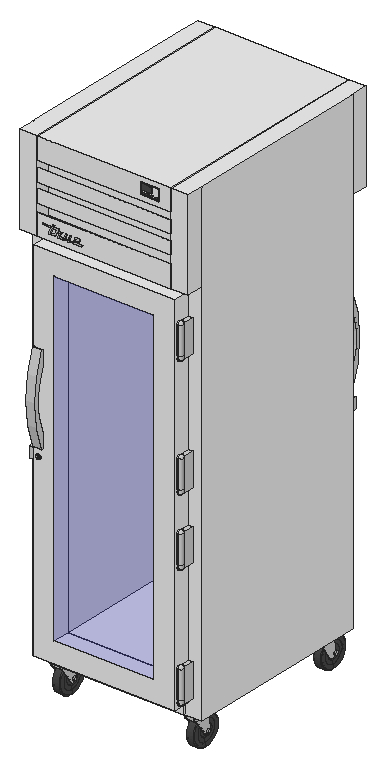
Revit family "QF_TRUE_STR1RPT-1G-1G-HC", category Specialty Equipment, Revit 2012
Parameters
  Weight in Pounds = 0
  Watts = Volts * FL Amps  # 437 W
  Volts = 115 V
  URL Manufacturer = "www.truemfg.com"
  URL Cutsheet = "www.truemfg.com"
  URL = "www.truemfg.com"
  Type Mark [instance] = ""
  Type Comments = "www.truemfg.com"
  Status [instance] = ""
  Specification by User [instance] = ""
  Specification by Manufacturer = ""
  Show Seismic Flanged [instance] = no
  Show Logo [instance] = yes
  Show Legs [instance] = no
  Show Clearance [instance] = yes
  Serial Number = ""
  Seismic Rating = ""
  Seismic Plate [instance] = and(Show Seismic Flanged, not(Show Casters))  # no
  SMACNA No = ""
  Revision Code [instance] = ""
  Phase = 1
  Omniclass Number and Title = ""
  Number of Poles [instance] = 1
  NAFEM Spec ID Number = ""
  Model = "STR1RPT-1G-1G-HC"
  Min Ckt Ampacity = 3.8 A
  Max Overcurrent Protection = 3.8 A
  MasterSpec. = ""
  Manufacturer = "TRUE FOOD SERVICE EQUIPMENT, INC."
  Length = 27 1/2"
  Legs [instance] = or(Show Legs, Show Seismic Flanged)  # no
  Item Number [instance] = ""
  Installed By [instance] = ""
  Identify Quantity as Lot [instance] = yes
  Height = 77 3/4"
  HP = "1/4"
  Furnished By [instance] = ""
  Foodservice Equipment Identifier [instance] = yes
  FL Amps = 3.8 A
  Electrical Remarks [instance] = ""
  Electric Connection Type [instance] = ""
  Elec Conn RI Height [instance] = 0"
  Elec Conn Connection Height [instance] = 0"
  Description = "PASS-THRU GLASS FRONT/GLASS REAR SWING DOORS REFRIGERATOR WITH HYDROCARBON REFRIGERANT"
  Depth = 36 1/8"
  Cycle = 60 Hz
  Conn Plug = "5-15P"
  Conn Conduit = yes
  Show Casters [instance] = and(not(if(Show Legs, Show Legs, Show Legs)), not(if(Show Legs, Show Legs, Show Seismic Flanged)))  # yes
  CSI MasterFormat = ""
  CSI Master Format = ""
  Apparent Power = if(Phase = 3, Volts * FL Amps * 1.73, Volts * FL Amps)  # 437 VA
Reference planes (in)
  plane 1: z = 0
  plane 2 "LEFT": x = 0
  plane 3 "RIGHT": x = 27.5
  plane 4 "FRONT": y = -33.75
  plane 5 "TOP": z = 84.125
  plane 6: z = 6.125
  plane 7: y = -33.8917
  plane 8: y = 2.375
  plane 9: y = 4.03125
  plane 10: y = -35.40625
Forms (in)
  Extrusion 1, solid, material "QF_Finishes_Chrome - Satin"
    sketch origin (0.09687, 0, 0) x (1, 0, 0) y (0, 1, 0)
      loop
        line (-0.09687, -0.375) -> (-0.09687, -31) -> (2.7625, -31) -> (2.7625, -0.375) -> (-0.09687, -0.375)
    from 6.125 to 84.125
  Extrusion 2, solid, material "QF_Finishes_Chrome - Satin"
    sketch origin (50.15, 0, 0) x (1, 0, 0) y (0, 1, 0)
      loop
        line (-25.50937, -0.375) -> (-25.50937, -31) -> (-22.65, -31) -> (-22.65, -0.375) -> (-25.50937, -0.375)
    from 6.125 to 84.125
  Extrusion 3, solid, material "QF_Finishes_Chrome - Satin"
    sketch origin (0, -0.1875, 0) x (0, 1, 0) y (0, 0, 1)
      loop
        line (-33.5625, 69.5) -> (-31, 69.5) -> (-31, 64.625) -> (0, 64.625) -> (0, 69.5) -> (2.5625, 69.5) -> (2.5625, 73.29302) -> (0.21659, 71.625) -> (0.21659, 72.90057) -> (2.5625, 74.56859) -> (2.5625, 76.6648) -> (0.21659, 74.99678) -> (0.21659, 75.95754) -> (2.5625, 77.62556) -> (2.5625, 79.75927) -> (0.21659, 78.09125) -> (0.21659, 79.21352) -> (2.5625, 80.88154) -> (2.5625, 84.125) -> (-33.5625, 84.125) -> (-33.5625, 80.68002) -> (-31.5, 79.21352) -> (-31.5, 78.09125) -> (-33.5625, 79.55776) -> (-33.5625, 77.42405) -> (-31.5, 75.95754) -> (-31.5, 74.99678) -> (-33.5625, 76.46328) -> (-33.5625, 74.36708) -> (-31.5, 72.90057) -> (-31.5, 71.625) -> (-33.5625, 73.09151) -> (-33.5625, 69.5)
      loop
        line (-31, 6.125) -> (0, 6.125) -> (0, 8.94743) -> (-31, 8.94743) -> (-31, 6.125)
    from 2.85938 to 24.64063
  Extrusion 4, solid, material "QF_Finishes_Chrome - Satin"
    sketch origin (0.10531, 0, 0) x (1, 0, 0) y (0, 1, 0)
      loop
        line (27.34782, -31) -> (24.53532, -31) -> (24.53532, -33.75) -> (27.34782, -33.75) -> (27.34782, -31)
    from 69.5 to 84.125
  Extrusion 5, solid, material "QF_Finishes_Chrome - Satin"
    sketch origin (-50.19421, 0, 0.25) x (1, 0, 0) y (0, 1, 0)
      loop
        line (53.05359, -31) -> (50.24109, -31) -> (50.24109, -33.75) -> (53.05359, -33.75) -> (53.05359, -31)
    from 69.25 to 83.875
  Extrusion 6, solid, material "QF_Finishes_Chrome - Satin"
    sketch origin (-25.125, 0, -0.71875) x (1, 0, 0) y (0, 0, 1)
      loop
        line (27.40625, 8.75) -> (50.34375, 8.75) -> (50.34375, 68.6875) -> (27.40625, 68.6875) -> (27.40625, 8.75)
      loop
        line (30.75, 12.09375) -> (47, 12.09375) -> (47, 65.34375) -> (30.75, 65.34375) -> (30.75, 12.09375)
    from 31 to 33.75
  Extrusion 7, solid, material "QF_Finishes_Handrails and Railings"
    sketch origin (-8.56481, -0.26185, 93.525) x (0, 1, 0) y (0, 0, 1)
      loop
        line (-33.48815, -54.775) -> (-33.48815, -52.39813)
        arc (-33.48815, -52.39813) -> (-34.66767, -47.525) -> (-33.48815, -42.65188) r 10.65627
        line (-33.48815, -42.65188) -> (-33.48815, -40.275) -> (-33.7, -40.275)
        arc (-33.7, -40.275) -> (-35.1444, -47.525) -> (-33.7, -54.775) r 18.91753
        line (-33.7, -54.775) -> (-33.48815, -54.775)
    from 10.87731 to 12.37731
  Extrusion 8, solid, material "QF_Finishes_Handrails and Railings"
    sketch origin (-23.375, -0.1875, -2.6875) x (1, 0, 0) y (0, 0, 1)
      loop
        circle (26.4375, 40.0625) r 0.35
      loop
        line (26.47265, 40.33635) -> (26.41715, 40.33635) -> (26.41715, 39.76895) -> (26.47265, 39.76895) -> (26.47265, 40.33635)
    from 33.5625 to 33.625
  Extrusion 9, solid, material "QF_Finishes_Handrails and Railings", visible <- "Show Logo"
    sketch origin (0.33478, 1.08173, -6.73143) x (1, 0, 0) y (0, 0, 1)
      loop
        line (3.46044, 78.46231) -> (3.35478, 78.23573) -> (4.76027, 78.23573)
        arc (4.76027, 78.23573) -> (4.78879, 78.18528) -> (4.76027, 78.13484) r 0.05887
        line (4.76027, 78.13484) -> (4.39369, 77.34872)
        arc (4.39369, 77.34872) -> (4.39051, 77.27591) -> (4.43975, 77.22217) r 0.09523
        line (4.43975, 77.22217) -> (5.33844, 77.22217)
        arc (5.33844, 77.22217) -> (5.45192, 77.25795) -> (5.52436, 77.35235) r 0.19785
        line (5.52436, 77.35235) -> (5.81285, 77.97101) -> (6.0779, 77.97101)
        arc (6.0779, 77.97101) -> (6.14744, 77.94543) -> (6.13737, 77.87203) r 0.05911
        line (6.13737, 77.87203) -> (5.89598, 77.35437)
        arc (5.89598, 77.35437) -> (5.89974, 77.2684) -> (5.97231, 77.22217) r 0.09318
        line (5.97231, 77.22217) -> (6.76198, 77.22217)
        arc (6.76198, 77.22217) -> (6.82249, 77.24419) -> (6.85468, 77.29995) r 0.09412
        arc (6.85468, 77.29995) -> (6.87746, 77.24495) -> (6.93246, 77.22217) r 0.07778
        line (6.93246, 77.22217) -> (7.43246, 77.22217)
        arc (7.43246, 77.22217) -> (7.49022, 77.23765) -> (7.53251, 77.27993) r 0.11552
        arc (7.53251, 77.27993) -> (7.55275, 77.23106) -> (7.60162, 77.21081) r 0.06912
        line (7.60162, 77.21081) -> (8.31225, 77.21081)
        arc (8.31225, 77.21081) -> (8.37034, 77.23488) -> (8.39441, 77.29297) r 0.08216
        arc (8.39441, 77.29297) -> (8.44767, 77.23972) -> (8.52042, 77.22022) r 0.14551
        line (8.52042, 77.22022) -> (9.85158, 77.22022) -> (9.99946, 77.47634) -> (8.65678, 77.47634)
        arc (8.65678, 77.47634) -> (8.61972, 77.50204) -> (8.61834, 77.54711) r 0.05009
        line (8.61834, 77.54711) -> (8.64157, 77.59692)
        arc (8.64157, 77.59692) -> (8.67723, 77.64364) -> (8.73327, 77.66135) r 0.09747
        line (8.73327, 77.66135) -> (9.16485, 77.66135)
        arc (9.16485, 77.66135) -> (9.258, 77.68631) -> (9.32619, 77.7545) r 0.1863
        line (9.32619, 77.7545) -> (9.45119, 77.97101)
        arc (9.45119, 77.97101) -> (9.45119, 78.08657) -> (9.35111, 78.14434) r 0.11556
        line (9.35111, 78.14434) -> (8.89562, 78.14434)
        arc (8.89562, 78.14434) -> (8.7795, 78.12462) -> (8.69849, 78.03912) r 0.18605
        line (8.69849, 78.03912) -> (8.48204, 77.57493)
        arc (8.48204, 77.57493) -> (8.41815, 77.49167) -> (8.31806, 77.46011) r 0.1745
        line (8.31806, 77.46011) -> (7.84559, 77.46011)
        arc (7.84559, 77.46011) -> (7.78903, 77.52184) -> (7.79268, 77.60548) r 0.10939
        line (7.79268, 77.60548) -> (8.04395, 78.14434) -> (7.88403, 78.14434) -> (7.61781, 77.57344)
        arc (7.61781, 77.57344) -> (7.56609, 77.50603) -> (7.48505, 77.48048) r 0.14128
        line (7.48505, 77.48048) -> (7.15925, 77.48048)
        arc (7.15925, 77.48048) -> (7.10419, 77.55223) -> (7.116, 77.64189) r 0.11816
        line (7.116, 77.64189) -> (7.3503, 78.14434) -> (7.18514, 78.14434) -> (6.91546, 77.566)
        arc (6.91546, 77.566) -> (6.85285, 77.50339) -> (6.76733, 77.48048) r 0.17104
        line (6.76733, 77.48048) -> (6.29555, 77.48048)
        arc (6.29555, 77.48048) -> (6.21082, 77.51999) -> (6.20267, 77.61313) r 0.0935
        line (6.20267, 77.61313) -> (6.35774, 77.94569) -> (6.57695, 77.94569)
        arc (6.57695, 77.94569) -> (6.61395, 78.05717) -> (6.69267, 78.14434) r 0.2857
        line (6.69267, 78.14434) -> (5.83605, 78.14434)
        arc (5.83605, 78.14434) -> (5.74086, 78.12324) -> (5.67498, 78.05135) r 0.16212
        line (5.67498, 78.05135) -> (5.44279, 77.55341)
        arc (5.44279, 77.55341) -> (5.3894, 77.50002) -> (5.31647, 77.48048) r 0.14586
        line (5.31647, 77.48048) -> (4.80506, 77.48048)
        arc (4.80506, 77.48048) -> (4.76514, 77.53442) -> (4.77274, 77.60109) r 0.09155
        line (4.77274, 77.60109) -> (5.11018, 78.23573) -> (5.96155, 78.23573) -> (6.06721, 78.46231) -> (5.21584, 78.46231) -> (5.32149, 78.68888) -> (5.01862, 78.68888) -> (4.91297, 78.46231) -> (3.46044, 78.46231)
      loop
        arc (8.83805, 77.93863) -> (8.80119, 77.92875) -> (8.7742, 77.90176) r 0.07373
        line (8.7742, 77.90176) -> (8.75229, 77.83436)
        arc (8.75229, 77.83436) -> (8.76245, 77.80983) -> (8.78699, 77.79966) r 0.0347
        line (8.78699, 77.79966) -> (9.15948, 77.79966)
        arc (9.15948, 77.79966) -> (9.18632, 77.80561) -> (9.20812, 77.82234) r 0.0635
        line (9.20812, 77.82234) -> (9.22624, 77.90622)
        arc (9.22624, 77.90622) -> (9.22091, 77.92868) -> (9.20009, 77.93863) r 0.02676
        line (9.20009, 77.93863) -> (8.83805, 77.93863)
    from 34.64423 to 34.83173
  Extrusion 10, solid
    sketch origin (-25.125, 2.60721, 0) x (1, 0, 0) y (0, 0, 1)
      loop
        circle (49.375, 82) r 0.25
    from 0.23221 to 0.125
  Blend 11, solid, material "QF_Finishes_Handrails and Railings"
    base sketch origin (27.53125, 0, -0.6875) x (-1, 0, 0) y (0, 0, -1)
      loop
        line (25.25, -38.99169) -> (26, -38.99169) -> (26, -37.24169) -> (25.25, -37.24169) -> (25.25, -38.99169)
    top sketch origin (27.53125, 0, -0.6875) x (-1, 0, 0) y (0, 0, -1)
      loop
        line (26.18223, -36.6441) -> (25.25, -36.6441) -> (25.25, -39.42643) -> (26.18223, -39.42643) -> (26.18223, -36.6441)
    from 33.5625 to 31
  Extrusion 12, solid, material "QF_Finishes_Handrails and Railings"
    sketch origin (26.21875, 0.10979, 0) x (0, 1, 0) y (0, 0, -1)
      loop
        line (-31.10979, -64.55229) -> (-31.10979, -59.23627) -> (-33.25, -59.23627) -> (-33.25, -59.94848) -> (-32.81497, -59.94848) -> (-32.81497, -64.34776)
        arc (-32.81497, -64.34776) -> (-32.75506, -64.49238) -> (-32.61044, -64.55229) r 0.20453
        line (-32.61044, -64.55229) -> (-31.10979, -64.55229)
    from 0.17506 to 1
  Revolve 13, solid, material "QF_Finishes_Handrails and Railings"
    sketch origin (25.71875, 0.10979, 0) x (0, 1, 0) y (0, 0, -1)
      loop
        line (-33.26563, -60.00189) -> (-33.67229, -60.00189) -> (-33.67229, -64.4736)
        arc (-33.67229, -64.4736) -> (-33.53722, -64.72557) -> (-33.26563, -64.81483) r 0.3848
        line (-33.26563, -64.81483) -> (-33.26563, -60.00189)
      loop
        line (-33.26563, -59.94848) -> (-33.26563, -59.04781)
        arc (-33.26563, -59.04781) -> (-33.53264, -59.13383) -> (-33.67229, -59.37712) r 0.38884
        line (-33.67229, -59.37712) -> (-33.67229, -59.94848) -> (-33.26563, -59.94848)
      axis (-33.26563, -59.04781) -> (-33.26563, -64.81483)
    angle from 0 to 360
  Extrusion 14, solid, material "QF_Finishes_Handrails and Railings"
    sketch origin (27.53125, 0.10979, 0) x (-1, 0, 0) y (0, 0, -1)
      loop
        line (1.91491, -64.4736) -> (2.3125, -64.4736) -> (2.3125, -60.00079) -> (1.91491, -60.00079) -> (1.91491, -64.4736)
    from 32.81497 to 33.59495
  Extrusion 15, solid, material "QF_Finishes_Handrails and Railings"
    sketch origin (26.21875, 0.10979, -19.5) x (0, 1, 0) y (0, 0, -1)
      loop
        line (-31.10979, -64.55229) -> (-31.10979, -59.23627) -> (-33.25, -59.23627) -> (-33.25, -59.94848) -> (-32.81497, -59.94848) -> (-32.81497, -64.34776)
        arc (-32.81497, -64.34776) -> (-32.75506, -64.49238) -> (-32.61044, -64.55229) r 0.20453
        line (-32.61044, -64.55229) -> (-31.10979, -64.55229)
    from 0.17506 to 1
  Revolve 16, solid, material "QF_Finishes_Handrails and Railings"
    sketch origin (25.71875, 0.10979, -19.5) x (0, 1, 0) y (0, 0, -1)
      loop
        line (-33.26563, -60.00189) -> (-33.67229, -60.00189) -> (-33.67229, -64.4736)
        arc (-33.67229, -64.4736) -> (-33.53722, -64.72557) -> (-33.26563, -64.81483) r 0.3848
        line (-33.26563, -64.81483) -> (-33.26563, -60.00189)
      loop
        line (-33.26563, -59.94848) -> (-33.26563, -59.04781)
        arc (-33.26563, -59.04781) -> (-33.53264, -59.13383) -> (-33.67229, -59.37712) r 0.38884
        line (-33.67229, -59.37712) -> (-33.67229, -59.94848) -> (-33.26563, -59.94848)
      axis (-33.26563, -59.04781) -> (-33.26563, -64.81483)
    angle from 0 to 360
  Extrusion 17, solid, material "QF_Finishes_Handrails and Railings"
    sketch origin (27.53125, 0.10979, -19.5) x (-1, 0, 0) y (0, 0, -1)
      loop
        line (1.91491, -64.4736) -> (2.3125, -64.4736) -> (2.3125, -60.00079) -> (1.91491, -60.00079) -> (1.91491, -64.4736)
    from 32.81497 to 33.59495
  Extrusion 18, solid, material "QF_Finishes_Handrails and Railings"
    sketch origin (26.21875, 0.10979, -30.5) x (0, 1, 0) y (0, 0, -1)
      loop
        line (-31.10979, -64.55229) -> (-31.10979, -59.23627) -> (-33.25, -59.23627) -> (-33.25, -59.94848) -> (-32.81497, -59.94848) -> (-32.81497, -64.34776)
        arc (-32.81497, -64.34776) -> (-32.75506, -64.49238) -> (-32.61044, -64.55229) r 0.20453
        line (-32.61044, -64.55229) -> (-31.10979, -64.55229)
    from 0.17506 to 1
  Revolve 19, solid, material "QF_Finishes_Handrails and Railings"
    sketch origin (25.71875, 0.10979, -30.5) x (0, 1, 0) y (0, 0, -1)
      loop
        line (-33.26563, -60.00189) -> (-33.67229, -60.00189) -> (-33.67229, -64.4736)
        arc (-33.67229, -64.4736) -> (-33.53722, -64.72557) -> (-33.26563, -64.81483) r 0.3848
        line (-33.26563, -64.81483) -> (-33.26563, -60.00189)
      loop
        line (-33.26563, -59.94848) -> (-33.26563, -59.04781)
        arc (-33.26563, -59.04781) -> (-33.53264, -59.13383) -> (-33.67229, -59.37712) r 0.38884
        line (-33.67229, -59.37712) -> (-33.67229, -59.94848) -> (-33.26563, -59.94848)
      axis (-33.26563, -59.04781) -> (-33.26563, -64.81483)
    angle from 0 to 360
  Extrusion 20, solid, material "QF_Finishes_Handrails and Railings"
    sketch origin (27.53125, 0.10979, -30.5) x (-1, 0, 0) y (0, 0, -1)
      loop
        line (1.91491, -64.4736) -> (2.3125, -64.4736) -> (2.3125, -60.00079) -> (1.91491, -60.00079) -> (1.91491, -64.4736)
    from 32.81497 to 33.59495
  Extrusion 21, solid, material "QF_Finishes_Handrails and Railings"
    sketch origin (26.21875, 0.10979, -50.25) x (0, 1, 0) y (0, 0, -1)
      loop
        line (-31.10979, -64.55229) -> (-31.10979, -59.19743) -> (-33.25, -59.19743) -> (-33.25, -59.94848) -> (-32.81497, -59.94848) -> (-32.81497, -64.34776)
        arc (-32.81497, -64.34776) -> (-32.75506, -64.49238) -> (-32.61044, -64.55229) r 0.20453
        line (-32.61044, -64.55229) -> (-31.10979, -64.55229)
    from 0.17506 to 1
  Revolve 22, solid, material "QF_Finishes_Handrails and Railings"
    sketch origin (25.71875, 0.10979, -50.25) x (0, 1, 0) y (0, 0, -1)
      loop
        line (-33.26563, -60.00189) -> (-33.67229, -60.00189) -> (-33.67229, -64.4736)
        arc (-33.67229, -64.4736) -> (-33.53722, -64.72557) -> (-33.26563, -64.81483) r 0.3848
        line (-33.26563, -64.81483) -> (-33.26563, -60.00189)
      loop
        line (-33.26563, -59.94848) -> (-33.26563, -59.04781)
        arc (-33.26563, -59.04781) -> (-33.53264, -59.13383) -> (-33.67229, -59.37712) r 0.38884
        line (-33.67229, -59.37712) -> (-33.67229, -59.94848) -> (-33.26563, -59.94848)
      axis (-33.26563, -59.04781) -> (-33.26563, -64.81483)
    angle from 0 to 360
  Extrusion 23, solid, material "QF_Finishes_Handrails and Railings"
    sketch origin (27.53125, 0.10979, -50.25) x (-1, 0, 0) y (0, 0, -1)
      loop
        line (1.91491, -64.4736) -> (2.3125, -64.4736) -> (2.3125, -60.00079) -> (1.91491, -60.00079) -> (1.91491, -64.4736)
    from 32.81497 to 33.59495
  Revolve 24, solid, material "QF_Finishes_Black", visible <- "Show Casters"
    sketch origin (22.65625, -27.375, 0) x (1, 0, 0) y (0, 0, 1)
      loop
        line (1.475, 5) -> (1.375, 4.9) -> (1.375, 4.29941) -> (1.53601, 4.29941) -> (1.53601, 3.54941) -> (1.375, 3.54941) -> (1.375, 2.79941) -> (0.975, 2.79941) -> (0.975, 2.5) -> (3.025, 2.5) -> (3.025, 2.79941) -> (2.62908, 2.79941) -> (2.62908, 3.54941) -> (2.46399, 3.54941) -> (2.46399, 4.29941) -> (2.62908, 4.29941) -> (2.62908, 4.89592) -> (2.525, 5) -> (1.475, 5)
      axis (3.025, 2.5) -> (0.975, 2.5)
    angle from 0 to 360
  Extrusion 25, solid, material "QF_Finishes_Handrails and Railings", visible <- "Show Casters"
    sketch origin (22.65625, 0, 0) x (0, 1, 0) y (0, 0, 1)
      loop
        line (-29.95136, 5.48574) -> (-29.95136, 4.88089) -> (-29.70136, 4.88089) -> (-27.95216, 2.18736)
        arc (-27.95216, 2.18736) -> (-27.23883, 1.94868) -> (-26.84581, 2.59003) r 0.60416
        line (-26.84581, 2.59003) -> (-27.20136, 5.48574) -> (-29.95136, 5.48574)
      loop
        line (-4.07645, 5.48574) -> (-4.07645, 4.88089) -> (-3.82645, 4.88089) -> (-2.07725, 2.18736)
        arc (-2.07725, 2.18736) -> (-1.36392, 1.94868) -> (-0.9709, 2.59003) r 0.60416
        line (-0.9709, 2.59003) -> (-1.32645, 5.48574) -> (-4.07645, 5.48574)
    from 1.175 to 1.325
  Extrusion 26, solid, material "QF_Finishes_Handrails and Railings", visible <- "Show Casters"
    sketch origin (24.15625, 0, 0) x (0, 1, 0) y (0, 0, 1)
      loop
        line (-29.95136, 5.48574) -> (-29.95136, 4.88089) -> (-29.70136, 4.88089) -> (-27.95216, 2.18736)
        arc (-27.95216, 2.18736) -> (-27.23883, 1.94868) -> (-26.84581, 2.59003) r 0.60416
        line (-26.84581, 2.59003) -> (-27.20136, 5.48574) -> (-29.95136, 5.48574)
      loop
        line (-4.45145, 5.48574) -> (-4.45145, 4.88089) -> (-4.20145, 4.88089) -> (-2.45225, 2.18736)
        arc (-2.45225, 2.18736) -> (-1.73892, 1.94868) -> (-1.3459, 2.59003) r 0.60416
        line (-1.3459, 2.59003) -> (-1.70145, 5.48574) -> (-4.45145, 5.48574)
    from 1.175 to 1.325
  Revolve 27, solid, material "QF_Finishes_Chrome - Satin", visible <- "Show Casters"
    sketch origin (22.65625, -28.5625, -0.5) x (1, 0, 0) y (0, 0, 1)
      loop
        line (2, 5.99546) -> (2, 6.625) -> (0.70293, 6.625) -> (0.70293, 5.99546) -> (2, 5.99546)
      axis (2, 5.99546) -> (2, 6.625)
    angle from 0 to 360
  Revolve 28, solid, material "QF_Finishes_Chrome - Satin", visible <- "Legs"
    sketch origin (22.65625, -2.69102, 0) x (1, 0, 0) y (0, 0, 1)
      loop
        line (2, 6.125) -> (0.66662, 6.125) -> (1.25, 1) -> (1.5, 1) -> (1.5, 0) -> (2, 0) -> (2, 6.125)
      axis (2, 0) -> (2, 6.125)
    angle from 0 to 360
  Revolve 29, solid, material "QF_Finishes_Chrome - Satin", visible <- "Legs"
    sketch origin (22.65625, -28.5625, 0) x (1, 0, 0) y (0, 0, 1)
      loop
        line (2, 6.125) -> (0.66662, 6.125) -> (1.25, 1) -> (1.5, 1) -> (1.5, 0) -> (2, 0) -> (2, 6.125)
      axis (2, 0) -> (2, 6.125)
    angle from 0 to 360
  Revolve 30, solid, material "QF_Finishes_Chrome - Satin", visible <- "Show Casters"
    sketch origin (22.65625, -2.70321, -0.5) x (1, 0, 0) y (0, 0, 1)
      loop
        line (2, 5.99546) -> (2, 6.625) -> (0.70293, 6.625) -> (0.70293, 5.99546) -> (2, 5.99546)
      axis (2, 5.99546) -> (2, 6.625)
    angle from 0 to 360
  Extrusion 31, solid, material "QF_Finishes_Handrails and Railings", visible <- "Show Casters"
    sketch origin (-25.125, 0, 0) x (0, 1, 0) y (0, 0, 1)
      loop
        line (-29.95136, 5.48574) -> (-29.95136, 4.88089) -> (-29.70136, 4.88089) -> (-27.16533, 5.19227) -> (-27.20136, 5.48574) -> (-29.95136, 5.48574)
      loop
        line (-4.07645, 5.48574) -> (-4.07645, 4.88089) -> (-3.82645, 4.88089) -> (-1.29042, 5.19227) -> (-1.32645, 5.48574) -> (-4.07645, 5.48574)
    from 49.10625 to 50.45625
  Revolve 32, solid, material "QF_Finishes_Black", visible <- "Show Casters"
    sketch origin (22.65625, -1.4375, 0) x (1, 0, 0) y (0, 0, 1)
      loop
        line (1.475, 5) -> (1.375, 4.9) -> (1.375, 4.29941) -> (1.53601, 4.29941) -> (1.53601, 3.54941) -> (1.375, 3.54941) -> (1.375, 2.79941) -> (0.975, 2.79941) -> (0.975, 2.5) -> (3.025, 2.5) -> (3.025, 2.79941) -> (2.62908, 2.79941) -> (2.62908, 3.54941) -> (2.46399, 3.54941) -> (2.46399, 4.29941) -> (2.62908, 4.29941) -> (2.62908, 4.89592) -> (2.525, 5) -> (1.475, 5)
      axis (3.025, 2.5) -> (0.975, 2.5)
    angle from 0 to 360
  Revolve 33, solid, material "QF_Finishes_Black", visible <- "Show Casters"
    sketch origin (0.84375, -27.375, 0) x (1, 0, 0) y (0, 0, 1)
      loop
        line (1.475, 5) -> (1.375, 4.9) -> (1.375, 4.29941) -> (1.53601, 4.29941) -> (1.53601, 3.54941) -> (1.375, 3.54941) -> (1.375, 2.79941) -> (0.975, 2.79941) -> (0.975, 2.5) -> (3.025, 2.5) -> (3.025, 2.79941) -> (2.62908, 2.79941) -> (2.62908, 3.54941) -> (2.46399, 3.54941) -> (2.46399, 4.29941) -> (2.62908, 4.29941) -> (2.62908, 4.89592) -> (2.525, 5) -> (1.475, 5)
      axis (3.025, 2.5) -> (0.975, 2.5)
    angle from 0 to 360
  Extrusion 34, solid, material "QF_Finishes_Handrails and Railings", visible <- "Show Casters"
    sketch origin (0.84375, 0, 0) x (0, 1, 0) y (0, 0, 1)
      loop
        line (-29.95136, 5.48574) -> (-29.95136, 4.88089) -> (-29.70136, 4.88089) -> (-27.95216, 2.18736)
        arc (-27.95216, 2.18736) -> (-27.23883, 1.94868) -> (-26.84581, 2.59003) r 0.60416
        line (-26.84581, 2.59003) -> (-27.20136, 5.48574) -> (-29.95136, 5.48574)
      loop
        line (-4.07645, 5.48574) -> (-4.07645, 4.88089) -> (-3.82645, 4.88089) -> (-2.07725, 2.18736)
        arc (-2.07725, 2.18736) -> (-1.36392, 1.94868) -> (-0.9709, 2.59003) r 0.60416
        line (-0.9709, 2.59003) -> (-1.32645, 5.48574) -> (-4.07645, 5.48574)
    from 1.175 to 1.325
  Extrusion 35, solid, material "QF_Finishes_Handrails and Railings", visible <- "Show Casters"
    sketch origin (2.34375, 0, 0) x (0, 1, 0) y (0, 0, 1)
      loop
        line (-29.95136, 5.48574) -> (-29.95136, 4.88089) -> (-29.70136, 4.88089) -> (-27.95216, 2.18736)
        arc (-27.95216, 2.18736) -> (-27.23883, 1.94868) -> (-26.84581, 2.59003) r 0.60416
        line (-26.84581, 2.59003) -> (-27.20136, 5.48574) -> (-29.95136, 5.48574)
      loop
        line (-4.07645, 5.48574) -> (-4.07645, 4.88089) -> (-3.82645, 4.88089) -> (-2.07725, 2.18736)
        arc (-2.07725, 2.18736) -> (-1.36392, 1.94868) -> (-0.9709, 2.59003) r 0.60416
        line (-0.9709, 2.59003) -> (-1.32645, 5.48574) -> (-4.07645, 5.48574)
    from 1.175 to 1.325
  Revolve 36, solid, material "QF_Finishes_Chrome - Satin", visible <- "Show Casters"
    sketch origin (0.84375, -28.5625, -0.5) x (1, 0, 0) y (0, 0, 1)
      loop
        line (2, 5.99546) -> (2, 6.625) -> (0.70293, 6.625) -> (0.70293, 5.99546) -> (2, 5.99546)
      axis (2, 5.99546) -> (2, 6.625)
    angle from 0 to 360
  Revolve 37, solid, material "QF_Finishes_Chrome - Satin", visible <- "Legs"
    sketch origin (0.84375, -2.69102, 0) x (1, 0, 0) y (0, 0, 1)
      loop
        line (2, 6.125) -> (0.66662, 6.125) -> (1.25, 1) -> (1.5, 1) -> (1.5, 0) -> (2, 0) -> (2, 6.125)
      axis (2, 0) -> (2, 6.125)
    angle from 0 to 360
  Revolve 38, solid, material "QF_Finishes_Chrome - Satin", visible <- "Legs"
    sketch origin (0.84375, -28.5625, 0) x (1, 0, 0) y (0, 0, 1)
      loop
        line (2, 6.125) -> (0.66662, 6.125) -> (1.25, 1) -> (1.5, 1) -> (1.5, 0) -> (2, 0) -> (2, 6.125)
      axis (2, 0) -> (2, 6.125)
    angle from 0 to 360
  Revolve 39, solid, material "QF_Finishes_Chrome - Satin", visible <- "Show Casters"
    sketch origin (0.84375, -2.70321, -0.5) x (1, 0, 0) y (0, 0, 1)
      loop
        line (2, 5.99546) -> (2, 6.625) -> (0.70293, 6.625) -> (0.70293, 5.99546) -> (2, 5.99546)
      axis (2, 5.99546) -> (2, 6.625)
    angle from 0 to 360
  Extrusion 40, solid, material "QF_Finishes_Handrails and Railings", visible <- "Show Casters"
    sketch origin (-46.9375, 0, 0) x (0, 1, 0) y (0, 0, 1)
      loop
        line (-29.95136, 5.48574) -> (-29.95136, 4.88089) -> (-29.70136, 4.88089) -> (-27.16533, 5.19227) -> (-27.20136, 5.48574) -> (-29.95136, 5.48574)
      loop
        line (-4.07645, 5.48574) -> (-4.07645, 4.88089) -> (-3.82645, 4.88089) -> (-1.29042, 5.19227) -> (-1.32645, 5.48574) -> (-4.07645, 5.48574)
    from 49.10625 to 50.45625
  Revolve 41, solid, material "QF_Finishes_Black", visible <- "Show Casters"
    sketch origin (0.84375, -1.4375, 0) x (1, 0, 0) y (0, 0, 1)
      loop
        line (1.475, 5) -> (1.375, 4.9) -> (1.375, 4.29941) -> (1.53601, 4.29941) -> (1.53601, 3.54941) -> (1.375, 3.54941) -> (1.375, 2.79941) -> (0.975, 2.79941) -> (0.975, 2.5) -> (3.025, 2.5) -> (3.025, 2.79941) -> (2.62908, 2.79941) -> (2.62908, 3.54941) -> (2.46399, 3.54941) -> (2.46399, 4.29941) -> (2.62908, 4.29941) -> (2.62908, 4.89592) -> (2.525, 5) -> (1.475, 5)
      axis (3.025, 2.5) -> (0.975, 2.5)
    angle from 0 to 360
  Extrusion 42, solid, material "Glass"
    sketch origin (-25.125, 0, -0.71875) x (1, 0, 0) y (0, 0, 1)
      loop
        line (30.75, 12.09375) -> (47, 12.09375) -> (47, 65.34375) -> (30.75, 65.34375) -> (30.75, 12.09375)
    from 31 to 33.75
  Extrusion 43, solid, material "QF_Finishes_Chrome - Satin"
    sketch origin (-25.125, -31.7042, -0.71875) x (1, 0, 0) y (0, 0, -1)
      loop
        line (27.40625, -68.6875) -> (50.34375, -68.6875) -> (50.34375, -8.75) -> (27.40625, -8.75) -> (27.40625, -68.6875)
      loop
        line (30.75, -12.09375) -> (30.75, -65.34375) -> (47, -65.34375) -> (47, -12.09375) -> (30.75, -12.09375)
    from 31.3292 to 34.0792
  Extrusion 44, solid, material "Glass"
    sketch origin (-25.125, -31.7042, -0.71875) x (1, 0, 0) y (0, 0, -1)
      loop
        line (30.75, -12.09375) -> (30.75, -65.34375) -> (47, -65.34375) -> (47, -12.09375) -> (30.75, -12.09375)
    from 31.3292 to 34.0792
  Extrusion 45, solid, material "QF_Finishes_Chrome - Satin"
    sketch origin (0.10531, -31.3292, 0) x (1, 0, 0) y (0, 1, 0)
      loop
        line (27.34782, 30.9542) -> (27.34782, 33.7042) -> (24.53532, 33.7042) -> (24.53532, 30.9542) -> (27.34782, 30.9542)
    from 69.5 to 84.125
  Extrusion 46, solid, material "QF_Finishes_Chrome - Satin"
    sketch origin (-50.14734, -31.3292, 0.25) x (1, 0, 0) y (0, 1, 0)
      loop
        line (53.00671, 30.9542) -> (53.00671, 33.7042) -> (50.19421, 33.7042) -> (50.19421, 30.9542) -> (53.00671, 30.9542)
    from 69.25 to 83.875
  Extrusion 47, solid, material "QF_Finishes_Handrails and Railings"
    sketch origin (1.28125, -31.48479, 0) x (0, -1, 0) y (0, 0, -1)
      loop
        line (-31.10979, -64.55229) -> (-31.10979, -59.23627) -> (-33.25, -59.23627) -> (-33.25, -59.94848) -> (-32.81497, -59.94848) -> (-32.81497, -64.34776)
        arc (-32.81497, -64.34776) -> (-32.75506, -64.49238) -> (-32.61044, -64.55229) r 0.20453
        line (-32.61044, -64.55229) -> (-31.10979, -64.55229)
    from 0.17506 to 1
  Revolve 48, solid, material "QF_Finishes_Handrails and Railings"
    sketch origin (1.78125, -31.48479, 0) x (0, -1, 0) y (0, 0, -1)
      loop
        line (-33.26563, -60.00189) -> (-33.67229, -60.00189) -> (-33.67229, -64.4736)
        arc (-33.67229, -64.4736) -> (-33.53722, -64.72557) -> (-33.26563, -64.81483) r 0.3848
        line (-33.26563, -64.81483) -> (-33.26563, -60.00189)
      loop
        line (-33.26563, -59.94848) -> (-33.26563, -59.04781)
        arc (-33.26563, -59.04781) -> (-33.53264, -59.13383) -> (-33.67229, -59.37712) r 0.38884
        line (-33.67229, -59.37712) -> (-33.67229, -59.94848) -> (-33.26563, -59.94848)
      axis (-33.26563, -59.04781) -> (-33.26563, -64.81483)
    angle from 0 to 360
  Extrusion 49, solid, material "QF_Finishes_Handrails and Railings"
    sketch origin (-0.03125, -31.48479, 0) x (1, 0, 0) y (0, 0, -1)
      loop
        line (1.91491, -64.4736) -> (2.3125, -64.4736) -> (2.3125, -60.00079) -> (1.91491, -60.00079) -> (1.91491, -64.4736)
    from 32.81497 to 33.59495
  Extrusion 50, solid, material "QF_Finishes_Handrails and Railings"
    sketch origin (1.28125, -31.48479, -19.5) x (0, -1, 0) y (0, 0, -1)
      loop
        line (-31.10979, -64.55229) -> (-31.10979, -59.23627) -> (-33.25, -59.23627) -> (-33.25, -59.94848) -> (-32.81497, -59.94848) -> (-32.81497, -64.34776)
        arc (-32.81497, -64.34776) -> (-32.75506, -64.49238) -> (-32.61044, -64.55229) r 0.20453
        line (-32.61044, -64.55229) -> (-31.10979, -64.55229)
    from 0.17506 to 1
  Revolve 51, solid, material "QF_Finishes_Handrails and Railings"
    sketch origin (1.78125, -31.48479, -19.5) x (0, -1, 0) y (0, 0, -1)
      loop
        line (-33.26563, -60.00189) -> (-33.67229, -60.00189) -> (-33.67229, -64.4736)
        arc (-33.67229, -64.4736) -> (-33.53722, -64.72557) -> (-33.26563, -64.81483) r 0.3848
        line (-33.26563, -64.81483) -> (-33.26563, -60.00189)
      loop
        line (-33.26563, -59.94848) -> (-33.26563, -59.04781)
        arc (-33.26563, -59.04781) -> (-33.53264, -59.13383) -> (-33.67229, -59.37712) r 0.38884
        line (-33.67229, -59.37712) -> (-33.67229, -59.94848) -> (-33.26563, -59.94848)
      axis (-33.26563, -59.04781) -> (-33.26563, -64.81483)
    angle from 0 to 360
  Extrusion 52, solid, material "QF_Finishes_Handrails and Railings"
    sketch origin (-0.03125, -31.48479, -19.5) x (1, 0, 0) y (0, 0, -1)
      loop
        line (1.91491, -64.4736) -> (2.3125, -64.4736) -> (2.3125, -60.00079) -> (1.91491, -60.00079) -> (1.91491, -64.4736)
    from 32.81497 to 33.59495
  Extrusion 53, solid, material "QF_Finishes_Handrails and Railings"
    sketch origin (1.28125, -31.48479, -30.5) x (0, -1, 0) y (0, 0, -1)
      loop
        line (-31.10979, -64.55229) -> (-31.10979, -59.23627) -> (-33.25, -59.23627) -> (-33.25, -59.94848) -> (-32.81497, -59.94848) -> (-32.81497, -64.34776)
        arc (-32.81497, -64.34776) -> (-32.75506, -64.49238) -> (-32.61044, -64.55229) r 0.20453
        line (-32.61044, -64.55229) -> (-31.10979, -64.55229)
    from 0.17506 to 1
  Revolve 54, solid, material "QF_Finishes_Handrails and Railings"
    sketch origin (1.78125, -31.48479, -30.5) x (0, -1, 0) y (0, 0, -1)
      loop
        line (-33.26563, -60.00189) -> (-33.67229, -60.00189) -> (-33.67229, -64.4736)
        arc (-33.67229, -64.4736) -> (-33.53722, -64.72557) -> (-33.26563, -64.81483) r 0.3848
        line (-33.26563, -64.81483) -> (-33.26563, -60.00189)
      loop
        line (-33.26563, -59.94848) -> (-33.26563, -59.04781)
        arc (-33.26563, -59.04781) -> (-33.53264, -59.13383) -> (-33.67229, -59.37712) r 0.38884
        line (-33.67229, -59.37712) -> (-33.67229, -59.94848) -> (-33.26563, -59.94848)
      axis (-33.26563, -59.04781) -> (-33.26563, -64.81483)
    angle from 0 to 360
  Extrusion 55, solid, material "QF_Finishes_Handrails and Railings"
    sketch origin (-0.03125, -31.48479, -30.5) x (1, 0, 0) y (0, 0, -1)
      loop
        line (1.91491, -64.4736) -> (2.3125, -64.4736) -> (2.3125, -60.00079) -> (1.91491, -60.00079) -> (1.91491, -64.4736)
    from 32.81497 to 33.59495
  Extrusion 56, solid, material "QF_Finishes_Handrails and Railings"
    sketch origin (1.28125, -31.48479, -50.25) x (0, -1, 0) y (0, 0, -1)
      loop
        line (-31.10979, -64.55229) -> (-31.10979, -59.19743) -> (-33.25, -59.19743) -> (-33.25, -59.94848) -> (-32.81497, -59.94848) -> (-32.81497, -64.34776)
        arc (-32.81497, -64.34776) -> (-32.75506, -64.49238) -> (-32.61044, -64.55229) r 0.20453
        line (-32.61044, -64.55229) -> (-31.10979, -64.55229)
    from 0.17506 to 1
  Revolve 57, solid, material "QF_Finishes_Handrails and Railings"
    sketch origin (1.78125, -31.48479, -50.25) x (0, -1, 0) y (0, 0, -1)
      loop
        line (-33.26563, -60.00189) -> (-33.67229, -60.00189) -> (-33.67229, -64.4736)
        arc (-33.67229, -64.4736) -> (-33.53722, -64.72557) -> (-33.26563, -64.81483) r 0.3848
        line (-33.26563, -64.81483) -> (-33.26563, -60.00189)
      loop
        line (-33.26563, -59.94848) -> (-33.26563, -59.04781)
        arc (-33.26563, -59.04781) -> (-33.53264, -59.13383) -> (-33.67229, -59.37712) r 0.38884
        line (-33.67229, -59.37712) -> (-33.67229, -59.94848) -> (-33.26563, -59.94848)
      axis (-33.26563, -59.04781) -> (-33.26563, -64.81483)
    angle from 0 to 360
  Extrusion 58, solid, material "QF_Finishes_Handrails and Railings"
    sketch origin (-0.03125, -31.48479, -50.25) x (1, 0, 0) y (0, 0, -1)
      loop
        line (1.91491, -64.4736) -> (2.3125, -64.4736) -> (2.3125, -60.00079) -> (1.91491, -60.00079) -> (1.91491, -64.4736)
    from 32.81497 to 33.59495
  Extrusion 59, solid, material "QF_Finishes_Handrails and Railings"
    sketch origin (35.97106, -31.11349, 93.525) x (0, -1, 0) y (0, 0, 1)
      loop
        line (-33.48849, -54.775) -> (-33.48849, -52.39765)
        arc (-33.48849, -52.39765) -> (-34.6585, -47.525) -> (-33.48849, -42.65235) r 10.73141
        line (-33.48849, -42.65235) -> (-33.48849, -40.275) -> (-33.7, -40.275)
        arc (-33.7, -40.275) -> (-35.14474, -47.525) -> (-33.7, -54.775) r 18.91336
        line (-33.7, -54.775) -> (-33.48849, -54.775)
    from 10.87731 to 12.12731
  Extrusion 60, solid, material "QF_Finishes_Handrails and Railings"
    sketch origin (51, -31.39133, -2.6875) x (-1, 0, 0) y (0, 0, 1)
      loop
        circle (26.4375, 40.0625) r 0.35
      loop
        line (26.47265, 40.33635) -> (26.41715, 40.33635) -> (26.41715, 39.76895) -> (26.47265, 39.76895) -> (26.47265, 40.33635)
    from 33.76633 to 33.82883
  Blend 61, solid, material "QF_Finishes_Handrails and Railings"
    base sketch origin (-0.03125, -31.57883, -0.6875) x (1, 0, 0) y (0, 0, -1)
      loop
        line (25.25, -38.99169) -> (26, -38.99169) -> (26, -37.24169) -> (25.25, -37.24169) -> (25.25, -38.99169)
    top sketch origin (-0.03125, -31.57883, -0.6875) x (1, 0, 0) y (0, 0, -1)
      loop
        line (26.18223, -36.6441) -> (25.25, -36.6441) -> (25.25, -39.42643) -> (26.18223, -39.42643) -> (26.18223, -36.6441)
    from 33.76633 to 31.20383
  Extrusion 62, solid, material "QF_Finishes_White"
    sketch origin (-23.16691, 1.06376, 1.58022) x (1, 0, 0) y (0, 0, 1)
      loop
        line (42.91107, 81.73227) -> (42.91107, 79.98496) -> (45.81732, 79.98496) -> (45.81732, 81.73227) -> (42.91107, 81.73227)
    from 34.62626 to 34.72001
  Extrusion 63, solid, material "QF_Finishes_Black"
    sketch origin (-23.16691, 1.06376, 1.58022) x (1, 0, 0) y (0, 0, 1)
      loop
        line (45.87982, 81.79477) -> (42.84857, 81.79477) -> (42.84857, 79.92246) -> (45.87982, 79.92246) -> (45.87982, 81.79477)
      loop
        spline (43.04857, 80.25372) -> (43.05708, 80.23754) -> (43.08206, 80.22247) -> (43.12179, 80.20952) -> (43.17357, 80.19959) -> (43.23386, 80.19335) -> (43.29857, 80.19122) -> (43.36327, 80.19335) -> (43.42357, 80.19959) -> (43.47534, 80.20952) -> (43.51507, 80.22247) -> (43.54005, 80.23754) -> (43.54857, 80.25372)
        spline (43.54857, 80.25372) -> (43.54005, 80.26989) -> (43.51507, 80.28497) -> (43.47534, 80.29791) -> (43.42357, 80.30784) -> (43.36327, 80.31409) -> (43.29857, 80.31622) -> (43.23386, 80.31409) -> (43.17357, 80.30784) -> (43.12179, 80.29791) -> (43.08206, 80.28497) -> (43.05708, 80.26989) -> (43.04857, 80.25372)
      loop
        spline (43.74458, 80.25372) -> (43.7531, 80.23754) -> (43.77807, 80.22247) -> (43.8178, 80.20952) -> (43.86958, 80.19959) -> (43.92987, 80.19335) -> (43.99458, 80.19122) -> (44.05928, 80.19335) -> (44.11958, 80.19959) -> (44.17136, 80.20952) -> (44.21109, 80.22247) -> (44.23606, 80.23754) -> (44.24458, 80.25372)
        spline (44.24458, 80.25372) -> (44.23606, 80.26989) -> (44.21109, 80.28497) -> (44.17136, 80.29791) -> (44.11958, 80.30784) -> (44.05928, 80.31409) -> (43.99458, 80.31622) -> (43.92987, 80.31409) -> (43.86958, 80.30784) -> (43.8178, 80.29791) -> (43.77807, 80.28497) -> (43.7531, 80.26989) -> (43.74458, 80.25372)
      loop
        spline (44.49458, 80.25372) -> (44.5031, 80.23754) -> (44.52807, 80.22247) -> (44.5678, 80.20952) -> (44.61958, 80.19959) -> (44.67987, 80.19335) -> (44.74458, 80.19122) -> (44.80928, 80.19335) -> (44.86958, 80.19959) -> (44.92136, 80.20952) -> (44.96109, 80.22247) -> (44.98606, 80.23754) -> (44.99458, 80.25372)
        spline (44.99458, 80.25372) -> (44.98606, 80.26989) -> (44.96109, 80.28497) -> (44.92136, 80.29791) -> (44.86958, 80.30784) -> (44.80928, 80.31409) -> (44.74458, 80.31622) -> (44.67987, 80.31409) -> (44.61958, 80.30784) -> (44.5678, 80.29791) -> (44.52807, 80.28497) -> (44.5031, 80.26989) -> (44.49458, 80.25372)
      loop
        line (43.04856, 81.59478) -> (43.04856, 80.59478) -> (44.74808, 80.59478) -> (44.74808, 81.59478) -> (43.04856, 81.59478)
      loop
        line (45.81732, 81.73227) -> (42.91107, 81.73227) -> (42.91107, 79.98496) -> (45.81732, 79.98496) -> (45.81732, 81.73227)
      loop
        spline (45.24458, 80.25372) -> (45.2531, 80.23754) -> (45.27807, 80.22247) -> (45.3178, 80.20952) -> (45.36958, 80.19959) -> (45.42987, 80.19335) -> (45.49458, 80.19122) -> (45.55928, 80.19335) -> (45.61958, 80.19959) -> (45.67136, 80.20952) -> (45.71109, 80.22247) -> (45.73606, 80.23754) -> (45.74458, 80.25372)
        spline (45.74458, 80.25372) -> (45.73606, 80.26989) -> (45.71109, 80.28497) -> (45.67136, 80.29791) -> (45.61958, 80.30784) -> (45.55928, 80.31409) -> (45.49458, 80.31622) -> (45.42987, 80.31409) -> (45.36958, 80.30784) -> (45.3178, 80.29791) -> (45.27807, 80.28497) -> (45.2531, 80.26989) -> (45.24458, 80.25372)
    from 34.62626 to 34.81376
  Extrusion 64, solid, material "QF_Door-Drawer Clearances", visible <- "Show Clearance", detail levels coarse
    sketch origin (26.42841, -3.60924, 0) x (1, 0, 0) y (0, 1, 0)
      loop
        line (-1.20966, -30.14076) -> (-24.14829, -30.14076)
        arc (-24.14829, -30.14076) -> (-17.42972, -46.36083) -> (-1.20966, -53.0794) r 22.93863
        line (-1.20966, -53.0794) -> (-1.20966, -30.14076)
      loop
        line (-24.14716, 5.98424) -> (-1.20853, 5.98424)
        arc (-1.20853, 5.98424) -> (-7.9271, 22.2043) -> (-24.14716, 28.92287) r 22.93863
        line (-24.14716, 28.92287) -> (-24.14716, 5.98424)
    from 8.03125 to 67.96875
  Extrusion 65, solid, material "QF_Finishes_Chrome - Satin", visible <- "Seismic Plate"
    sketch origin (-0.22541, -26.86834, 0) x (1, 0, 0) y (0, 1, 0)
      loop
        circle (3.06916, -1.69416) r 1.5
    from 0 to 0.25
  Extrusion 66, solid, material "QF_Finishes_Chrome - Satin", visible <- "Seismic Plate"
    sketch origin (-0.22541, -0.99687, 0) x (1, 0, 0) y (0, 1, 0)
      loop
        circle (3.06916, -1.69416) r 1.5
    from 0 to 0.25
  Extrusion 67, solid, material "QF_Finishes_Chrome - Satin", visible <- "Seismic Plate"
    sketch origin (21.49334, -0.99687, 0) x (1, 0, 0) y (0, 1, 0)
      loop
        circle (3.16291, -1.69416) r 1.5
    from 0 to 0.25
  Extrusion 68, solid, material "QF_Finishes_Chrome - Satin", visible <- "Seismic Plate"
    sketch origin (21.49334, -26.86834, 0) x (1, 0, 0) y (0, 1, 0)
      loop
        circle (3.16291, -1.69416) r 1.5
    from 0 to 0.25
Cuts and joins
  joined: Extrusion 1, Extrusion 2, Extrusion 4, Extrusion 5, Extrusion 45, Extrusion 46
Lines and regions (in)
  symbolic lines
    curve 1: line (0, -33.75, 0) -> (0, 2.375, 0)
    curve 2: line (27.5, -33.75, 0) -> (0, -33.75, 0)
    curve 3: line (27.5, 2.375, 0) -> (27.5, -33.75, 0)
    curve 21: line (2.3125, -33.75, 0) -> (2.3125, -35.40625, 0)
    curve 22: line (2.3125, -35.40625, 0) -> (3.8125, -35.40625, 0)
    curve 23: line (3.8125, -35.40625, 0) -> (3.8125, -33.75, 0)
    curve 24: line (23.84375, 2.375, 0) -> (23.84375, 4.03125, 0)
    curve 25: line (23.84375, 4.03125, 0) -> (25.09375, 4.03125, 0)
    curve 26: line (25.09375, 4.03125, 0) -> (25.09375, 2.375, 0)
    curve 27: line (27.5, 2.375, 0) -> (0, 2.375, 0)
    curve 28: line (27.5, -31, 0) -> (0, -31, 0)
    curve 29: line (27.5, -0.375, 0) -> (0, -0.375, 0)
  symbolic lines, style "SpecialityEquipmentHiddenLines", visible <- "Show Casters"
    curve 4: line (3.91409, -24.76035, 0) -> (5.00001, -25.3873, 0)
    curve 5: line (1.41409, -29.09048, 0) -> (3.91409, -24.76035, 0)
    curve 6: line (2.50001, -29.71743, 0) -> (1.41409, -29.09048, 0)
    curve 7: line (5.00001, -25.3873, 0) -> (2.50001, -29.71743, 0)
    curve 8: line (3.70097, -0.6373, 0) -> (4.78688, -1.26426, 0)
    curve 9: line (1.20097, -4.96743, 0) -> (3.70097, -0.6373, 0)
    curve 10: line (2.28688, -5.59438, 0) -> (1.20097, -4.96743, 0)
    curve 11: line (4.78688, -1.26426, 0) -> (2.28688, -5.59438, 0)
    curve 12: line (24.82156, -0.76035, 0) -> (25.90747, -1.3873, 0)
    curve 13: line (22.32156, -5.09048, 0) -> (24.82156, -0.76035, 0)
    curve 14: line (23.40747, -5.71743, 0) -> (22.32156, -5.09048, 0)
    curve 15: line (25.90747, -1.3873, 0) -> (23.40747, -5.71743, 0)
    curve 16: line (24.82156, -24.86443, 0) -> (25.90747, -25.49138, 0)
    curve 17: line (22.32156, -29.19455, 0) -> (24.82156, -24.86443, 0)
    curve 18: line (23.40747, -29.82151, 0) -> (22.32156, -29.19455, 0)
    curve 19: line (25.90747, -25.49138, 0) -> (23.40747, -29.82151, 0)
  symbolic lines, style "QF_Door-Drawer Clearances"
    curve 20: line (25.21875, -33.75, 0) -> (5.35331, -45.21932, 0)
    curve 30: arc (5.35331, -45.21932, 0) -> (3.06173, -39.68696, 0) -> (2.28012, -33.75, 0) r 22.93863
    curve 31: line (2.28125, 2.375, 0) -> (22.14669, 13.84432, 0)
    curve 32: arc (22.14669, 13.84432, 0) -> (24.43827, 8.31196, 0) -> (25.21988, 2.375, 0) r 22.93863
Dimensions and locks (in)
  plane 6 to level = 6 1/8"
  plane 5 "TOP" to level = 84 1/8"
  plane 5 "TOP" to plane 6 = 78"
  "Length": plane 2 "LEFT" to plane 3 "RIGHT"
  "Depth": plane 4 "FRONT" to plane 8
  plane 3 "RIGHT" to plane 2 "LEFT" = 27 1/2"
  Extrusion 6 to plane 2 "LEFT" = 2 9/32"
  plane 3 "RIGHT" to Extrusion 6 = 2 9/32"
  Extrusion 6 to plane 6 = 1 29/32"
  Extrusion 3 to Extrusion 6 = 1 17/32"
  Extrusion 6 to Extrusion 7 = 14 23/32"
  Extrusion 7 to Extrusion 8 = 1 3/8"
  cut or joined group of Extrusion 1, Extrusion 2, Extrusion 4, Extrusion 5, Extrusion 45, Extrusion 46 to cut or joined group of Extrusion 1, Extrusion 2, Extrusion 4, Extrusion 5, Extrusion 45, Extrusion 46 = 2 13/16"  (x2)
  cut or joined group of Extrusion 1, Extrusion 2, Extrusion 4, Extrusion 5, Extrusion 45, Extrusion 46 to cut or joined group of Extrusion 1, Extrusion 2, Extrusion 4, Extrusion 5, Extrusion 45, Extrusion 46 = 27 13/32"
  Extrusion 6 to Extrusion 6 = 22 15/16"
  plane 4 "FRONT" to plane 8 = 36 1/8"
  cut or joined group of Extrusion 1, Extrusion 2, Extrusion 4, Extrusion 5, Extrusion 45, Extrusion 46 to cut or joined group of Extrusion 1, Extrusion 2, Extrusion 4, Extrusion 5, Extrusion 45, Extrusion 46 = 30 5/8"  (x2)
  plane 8 to plane 4 "FRONT" = 36 1/8"
  plane 9 to plane 10 = 39 7/16"
  aligned and locked: level to plane 1
  aligned and locked: Extrusion 3 to cut or joined group of Extrusion 1, Extrusion 2, Extrusion 4, Extrusion 5, Extrusion 45, Extrusion 46  (x2)
Automatic sketch dimensions
  plane 7 to Extrusion 3 sketch curve = 0.1417"  (x4)
  Extrusion 3 sketch curve to plane 5 "TOP" = 0"
  plane 7 to Extrusion 3 sketch curve = 2.2042"
  Extrusion 3 sketch curve to Extrusion 3 sketch curve = 0"  (x6)
  Extrusion 3 sketch curve to Extrusion 3 sketch curve = 1/2"
  plane 7 to Extrusion 3 sketch curve = 2.7042"
  Extrusion 3 sketch curve to Extrusion 3 sketch curve = 2.34591"  (x2)
  Extrusion 3 sketch curve to plane 5 "TOP" = 3.24346"
  Extrusion 3 sketch curve to plane 5 "TOP" = 3.44498"
  Extrusion 3 sketch curve to Extrusion 3 sketch curve = 1.12227"  (x4)
  Extrusion 3 sketch curve to Extrusion 3 sketch curve = 0.54575"
  Extrusion 3 sketch curve to Extrusion 3 sketch curve = 0.34424"
  Extrusion 3 sketch curve to Extrusion 3 sketch curve = 2.13371"  (x4)
  Extrusion 3 sketch curve to Extrusion 3 sketch curve = 0.96076"  (x4)
  Extrusion 3 sketch curve to Extrusion 3 sketch curve = 2.0962"  (x4)
  Extrusion 3 sketch curve to Extrusion 3 sketch curve = 1.27557"  (x4)
  Extrusion 3 sketch curve to Extrusion 3 sketch curve = 2 1/8"  (x2)
  Extrusion 3 sketch curve to Extrusion 3 sketch curve = 4 7/8"
  plane 6 to Extrusion 3 sketch curve = 2.82243"
  Extrusion 3 sketch curve to plane 6 = 0"
  Extrusion 12 sketch curve to plane 4 "FRONT" = 0.60979"
  Extrusion 12 sketch curve to Extrusion 12 sketch curve = 0.43503"
  Extrusion 12 sketch curve to Extrusion 12 sketch curve = 0.20453"
  Extrusion 12 sketch curve to Extrusion 12 sketch curve = 1.50065"
  Extrusion 12 sketch curve to plane 5 "TOP" = 19.57271"
  Extrusion 12 sketch curve to Extrusion 12 sketch curve = 4.39928"
  Extrusion 12 sketch curve to Extrusion 12 sketch curve = 0.71221"
  Revolve 13 sketch curve to plane 4 "FRONT" = 3/16"  (x2)
  Revolve 13 sketch curve to Revolve 13 sketch curve = 0.38242"
  Revolve 13 sketch curve to Revolve 13 sketch curve = 0.38436"
  Revolve 13 sketch curve to plane 4 "FRONT" = 0.59416"
  Revolve 13 sketch curve to Revolve 13 sketch curve = 0.40666"
  Revolve 13 sketch curve to Revolve 13 sketch curve = 0"
  Revolve 13 sketch curve to plane 5 "TOP" = 18.75492"
  Revolve 13 sketch curve to Revolve 13 sketch curve = 0.55526"
  Revolve 13 sketch curve to Revolve 13 sketch curve = 0.19474"
  Revolve 13 sketch curve to Revolve 13 sketch curve = 0.14649"
  Revolve 13 sketch curve to Revolve 13 sketch curve = 4.42889"
  Revolve 13 sketch curve to Revolve 13 sketch curve = 0.05342"
  Revolve 13 sketch curve to Revolve 13 sketch curve = 0.51246"
  Revolve 13 sketch curve to Revolve 13 sketch curve = 0.05889"
  Extrusion 15 sketch curve to plane 4 "FRONT" = 0.60979"
  Extrusion 15 sketch curve to Extrusion 15 sketch curve = 0.43503"
  Extrusion 15 sketch curve to Extrusion 15 sketch curve = 0.20453"
  Extrusion 15 sketch curve to Extrusion 15 sketch curve = 1.50065"
  plane 6 to Extrusion 15 sketch curve = 38.92729"
  Extrusion 15 sketch curve to Extrusion 15 sketch curve = 4.39928"
  Extrusion 15 sketch curve to Extrusion 15 sketch curve = 0.71221"
  Revolve 16 sketch curve to plane 4 "FRONT" = 3/16"  (x2)
  Revolve 16 sketch curve to Revolve 16 sketch curve = 0.38242"
  Revolve 16 sketch curve to Revolve 16 sketch curve = 0.38436"
  Revolve 16 sketch curve to plane 4 "FRONT" = 0.59416"
  Revolve 16 sketch curve to Revolve 16 sketch curve = 0.40666"
  Revolve 16 sketch curve to Revolve 16 sketch curve = 0"
  Revolve 16 sketch curve to plane 5 "TOP" = 38.25492"
  Revolve 16 sketch curve to Revolve 16 sketch curve = 0.55526"
  Revolve 16 sketch curve to Revolve 16 sketch curve = 0.19474"
  Revolve 16 sketch curve to Revolve 16 sketch curve = 0.14649"
  Revolve 16 sketch curve to Revolve 16 sketch curve = 4.42889"
  Revolve 16 sketch curve to Revolve 16 sketch curve = 0.05342"
  Revolve 16 sketch curve to Revolve 16 sketch curve = 0.51246"
  Revolve 16 sketch curve to Revolve 16 sketch curve = 0.05889"
  Extrusion 18 sketch curve to plane 4 "FRONT" = 0.60979"
  Extrusion 18 sketch curve to Extrusion 18 sketch curve = 0.43503"
  Extrusion 18 sketch curve to Extrusion 18 sketch curve = 0.20453"
  Extrusion 18 sketch curve to Extrusion 18 sketch curve = 1.50065"
  plane 6 to Extrusion 18 sketch curve = 27.92729"
  Extrusion 18 sketch curve to Extrusion 18 sketch curve = 4.39928"
  Extrusion 18 sketch curve to Extrusion 18 sketch curve = 0.71221"
  Revolve 19 sketch curve to plane 4 "FRONT" = 3/16"  (x2)
  Revolve 19 sketch curve to Revolve 19 sketch curve = 0.38242"
  Revolve 19 sketch curve to Revolve 19 sketch curve = 0.38436"
  Revolve 19 sketch curve to plane 4 "FRONT" = 0.59416"
  Revolve 19 sketch curve to Revolve 19 sketch curve = 0.40666"
  Revolve 19 sketch curve to Revolve 19 sketch curve = 0"
  plane 6 to Revolve 19 sketch curve = 28.74508"
  Revolve 19 sketch curve to Revolve 19 sketch curve = 0.55526"
  Revolve 19 sketch curve to Revolve 19 sketch curve = 0.19474"
  Revolve 19 sketch curve to Revolve 19 sketch curve = 0.14649"
  Revolve 19 sketch curve to Revolve 19 sketch curve = 4.42889"
  Revolve 19 sketch curve to Revolve 19 sketch curve = 0.05342"
  Revolve 19 sketch curve to Revolve 19 sketch curve = 0.51246"
  Revolve 19 sketch curve to Revolve 19 sketch curve = 0.05889"
  Extrusion 21 sketch curve to plane 4 "FRONT" = 0.60979"
  Extrusion 21 sketch curve to Extrusion 21 sketch curve = 0.43503"
  Extrusion 21 sketch curve to Extrusion 21 sketch curve = 0.20453"
  Extrusion 21 sketch curve to Extrusion 21 sketch curve = 1.50065"
  plane 6 to Extrusion 21 sketch curve = 8.17729"
  plane 6 to Extrusion 21 sketch curve = 3.57348"
  Extrusion 21 sketch curve to Extrusion 21 sketch curve = 0.75105"
  Revolve 22 sketch curve to plane 4 "FRONT" = 3/16"  (x2)
  Revolve 22 sketch curve to Revolve 22 sketch curve = 0.38242"
  Revolve 22 sketch curve to Revolve 22 sketch curve = 0.38436"
  Revolve 22 sketch curve to plane 4 "FRONT" = 0.59416"
  Revolve 22 sketch curve to Revolve 22 sketch curve = 0.40666"
  Revolve 22 sketch curve to Revolve 22 sketch curve = 0"
  plane 6 to Revolve 22 sketch curve = 8.99508"
  Revolve 22 sketch curve to Revolve 22 sketch curve = 0.55526"
  Revolve 22 sketch curve to Revolve 22 sketch curve = 0.19474"
  Revolve 22 sketch curve to Revolve 22 sketch curve = 0.14649"
  plane 6 to Revolve 22 sketch curve = 3.62689"
  Revolve 22 sketch curve to Revolve 22 sketch curve = 0.05342"
  Revolve 22 sketch curve to Revolve 22 sketch curve = 0.51246"
  Revolve 22 sketch curve to Revolve 22 sketch curve = 0.05889"
  Extrusion 25 sketch curve to plane 6 = 0.63926"  (x2)
  Extrusion 25 sketch curve to plane 4 "FRONT" = 3.79864"
  Extrusion 25 sketch curve to Extrusion 25 sketch curve = 1/4"  (x2)
  level to Extrusion 25 sketch curve = 2.18736"  (x2)
  Extrusion 25 sketch curve to Extrusion 25 sketch curve = 1.7492"  (x2)
  Extrusion 25 sketch curve to Extrusion 25 sketch curve = 0.50669"  (x2)
  Extrusion 25 sketch curve to Extrusion 25 sketch curve = 2 1/2"  (x2)
  level to Extrusion 25 sketch curve = 2.59003"
  Extrusion 25 sketch curve to Extrusion 25 sketch curve = 0.59966"  (x2)
  Extrusion 25 sketch curve to Extrusion 25 sketch curve = 0.32905"
  Extrusion 25 sketch curve to Extrusion 25 sketch curve = 0.60485"  (x2)
  Extrusion 31 sketch curve to plane 6 = 0.63926"  (x2)
  Extrusion 31 sketch curve to plane 4 "FRONT" = 3.79864"
  Extrusion 31 sketch curve to Extrusion 31 sketch curve = 1/4"  (x2)
  Extrusion 31 sketch curve to Extrusion 31 sketch curve = 2 1/2"  (x2)
  Extrusion 31 sketch curve to plane 6 = 0.93273"  (x2)
  Extrusion 31 sketch curve to Extrusion 31 sketch curve = 0.03603"
  Extrusion 31 sketch curve to plane 6 = 1.24411"
  Extrusion 34 sketch curve to plane 6 = 0.63926"  (x2)
  Extrusion 34 sketch curve to plane 4 "FRONT" = 3.79864"
  Extrusion 34 sketch curve to Extrusion 34 sketch curve = 1/4"  (x2)
  level to Extrusion 34 sketch curve = 2.18736"  (x2)
  Extrusion 34 sketch curve to Extrusion 34 sketch curve = 1.7492"  (x2)
  Extrusion 34 sketch curve to Extrusion 34 sketch curve = 0.50669"  (x2)
  Extrusion 34 sketch curve to Extrusion 34 sketch curve = 2 1/2"  (x2)
  level to Extrusion 34 sketch curve = 2.59003"
  Extrusion 34 sketch curve to Extrusion 34 sketch curve = 0.59966"  (x2)
  Extrusion 34 sketch curve to Extrusion 34 sketch curve = 0.32905"
  Extrusion 34 sketch curve to Extrusion 34 sketch curve = 0.60485"  (x2)
  Extrusion 35 sketch curve to plane 6 = 0.63926"  (x2)
  Extrusion 35 sketch curve to plane 4 "FRONT" = 3.79864"
  Extrusion 35 sketch curve to Extrusion 35 sketch curve = 1/4"  (x2)
  level to Extrusion 35 sketch curve = 2.18736"  (x2)
  Extrusion 35 sketch curve to Extrusion 35 sketch curve = 1.7492"  (x2)
  Extrusion 35 sketch curve to Extrusion 35 sketch curve = 0.50669"  (x2)
  Extrusion 35 sketch curve to Extrusion 35 sketch curve = 2 1/2"  (x2)
  level to Extrusion 35 sketch curve = 2.59003"
  Extrusion 35 sketch curve to Extrusion 35 sketch curve = 0.59966"  (x2)
  Extrusion 35 sketch curve to Extrusion 35 sketch curve = 0.32905"
  Extrusion 35 sketch curve to Extrusion 35 sketch curve = 0.60485"  (x2)
  Extrusion 40 sketch curve to plane 6 = 0.63926"  (x2)
  Extrusion 40 sketch curve to plane 4 "FRONT" = 3.79864"
  Extrusion 40 sketch curve to Extrusion 40 sketch curve = 1/4"  (x2)
  Extrusion 40 sketch curve to Extrusion 40 sketch curve = 2 1/2"  (x2)
  Extrusion 40 sketch curve to plane 6 = 0.93273"  (x2)
  Extrusion 40 sketch curve to Extrusion 40 sketch curve = 0.03603"
  Extrusion 40 sketch curve to plane 6 = 1.24411"
  Extrusion 47 sketch curve to Extrusion 47 sketch curve = 0.43503"
  Extrusion 47 sketch curve to Extrusion 47 sketch curve = 0.20453"
  Extrusion 47 sketch curve to plane 5 "TOP" = 19.57271"
  Extrusion 47 sketch curve to Extrusion 47 sketch curve = 4.39928"
  Extrusion 47 sketch curve to Extrusion 47 sketch curve = 0.71221"
  Revolve 48 sketch curve to Revolve 48 sketch curve = 0.38242"
  Revolve 48 sketch curve to Revolve 48 sketch curve = 0.38436"
  Revolve 48 sketch curve to Revolve 48 sketch curve = 0.02425"
  Revolve 48 sketch curve to Revolve 48 sketch curve = 0.40666"  (x2)
  Revolve 48 sketch curve to Revolve 48 sketch curve = 0"
  Revolve 48 sketch curve to plane 5 "TOP" = 18.75492"
  Revolve 48 sketch curve to Revolve 48 sketch curve = 0.55526"
  Revolve 48 sketch curve to Revolve 48 sketch curve = 0.19474"
  Revolve 48 sketch curve to Revolve 48 sketch curve = 0.14649"
  Revolve 48 sketch curve to Revolve 48 sketch curve = 4.42889"
  Revolve 48 sketch curve to Revolve 48 sketch curve = 0.05342"
  Revolve 48 sketch curve to Revolve 48 sketch curve = 0.51246"
  Revolve 48 sketch curve to Revolve 48 sketch curve = 0.05889"
  Extrusion 50 sketch curve to Extrusion 50 sketch curve = 0.43503"
  Extrusion 50 sketch curve to Extrusion 50 sketch curve = 0.20453"
  plane 6 to Extrusion 50 sketch curve = 38.92729"
  Extrusion 50 sketch curve to Extrusion 50 sketch curve = 4.39928"
  Extrusion 50 sketch curve to Extrusion 50 sketch curve = 0.71221"
  Revolve 51 sketch curve to Revolve 51 sketch curve = 0.38242"
  Revolve 51 sketch curve to Revolve 51 sketch curve = 0.38436"
